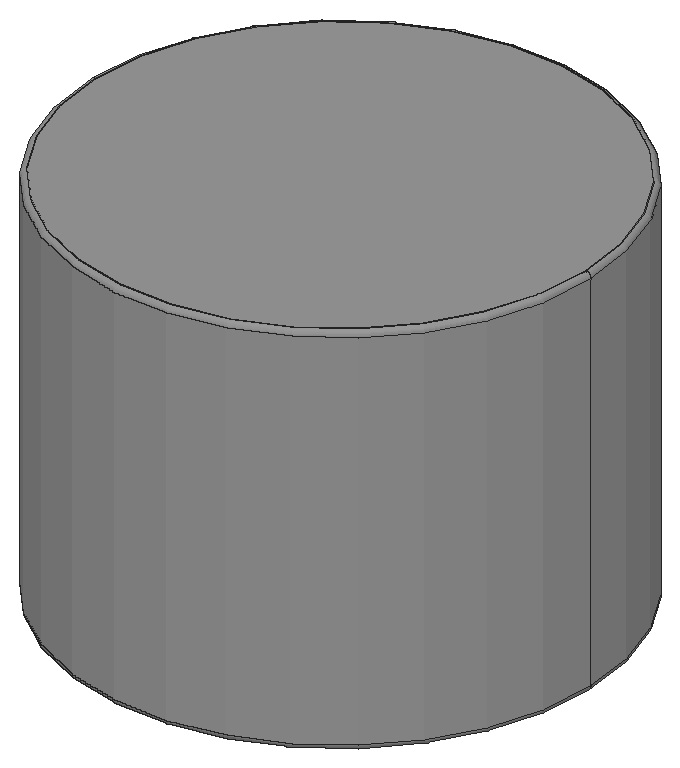
Revit family "TS1036 Elevate Wind 24in Round", category Generic Models, Revit 2018
Family settings
  Can host rebar = No
  Round Connector Dimension = Use Diameter
  Part Type = Normal
  Work Plane-Based = No
  Always vertical = Yes
  Cut with Voids When Loaded = No
  Shared = No
  Room Calculation Point = No
Parameters
  Fabric = TS1036 Elevate Wind 24" Round Fabric
Reference planes (in)
  plane 1 "Center (Front/Back)": y = 0
  plane 2: z = 0
  plane 3 "Center (Left/Right)": x = 0
Forms (in)
  Extrusion 1, solid, material "TS1036 Elevate Wind 24" Round Fabric" <- "Fabric"
    sketch origin (32.79537, -5.08351, 0) x (1, 0, 0) y (0, 1, 0)
      loop
        circle (-32.79537, 5.08351) r 11.75
    from 0 to 18
  Sweep 2, solid, material "TS1036 Elevate Wind 24" Round Fabric" <- "Fabric"
    path origin (32.79537, -5.08351, 0) x (1, 0, 0) y (0, 1, 0)
      loop
        circle (-32.79537, 5.08351) r 11.75
    profile origin (0, -11.75, 0) x (0, 1, 0) y (0, 0, 1)
      loop
        line (0, 0) -> (0, 17.99953)
        arc (0, 17.99953) -> (-0.17765, 17.91651) -> (-0.25, 17.73425) r 0.26575
        line (-0.25, 17.73425) -> (-0.25, 0.25)
        arc (-0.25, 0.25) -> (-0.17678, 0.07322) -> (0, 0) r 0.25
Dimensions and locks (in)
  aligned and locked: plane 2 to level
